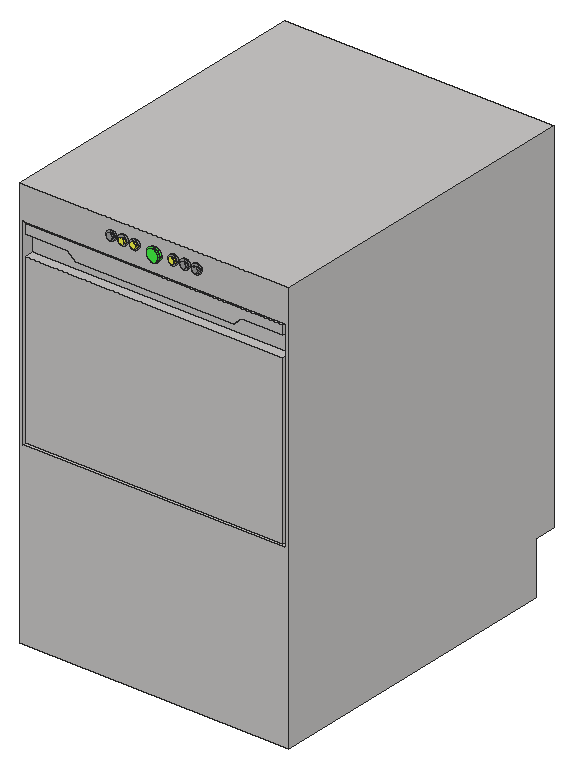
Revit family "QF_ELECTROLUXPROFESSIONAL_402202_ESIG", category Specialty Equipment, Revit 2018
Family settings
  Round Connector Dimension = Use Diameter
  Part Type = Normal
  Work Plane-Based = No
  Always vertical = Yes
  Cut with Voids When Loaded = No
  Shared = No
  Room Calculation Point = No
Parameters
  Weight = 37.00 kg
  Watts = 0 W
  Volts = 0 V
  URL Manufacturer = ""
  URL = "http://professional.electrolux.com/"
  Steam Supply Size = 0 mm
  Steam Supply Minimum Pressure = 0.0 Pa
  Steam Supply Maximum Pressure = 0.0 Pa
  Steam Pounds per Hour = 0
  Show Logo [instance] = yes
  Show Clearance [instance] = yes
  Refrigeration Suction Line Size = 0 mm
  Refrigeration Liquid Line Size = 0 mm
  Refrigerant Compressor Remote = yes
  Manufacturer = ""
  Phase = 0
  Model = ""
  Length Actual = 460 mm  # constant formula
  Item Number = ""
  Hot Water Size = 0 mm
  Height Actual = 715 mm  # constant formula
  HP = "4.4 HP"
  Gas Size = 0 mm
  Gas KW = 0
  Gas Input Pressure = 0 W
  Direct Waste Size = 27 mm
  Description = ""
  Depth Actual = 565 mm  # constant formula
  Cycle = 0 Hz
  Condensate Return Size = 0 mm
  Compressed Air Volume = 0.0 L/s
  Compressed Air Size = 0 mm
  Compressed Air Pressure = 0.0 Pa
  Cold Water Size = 0 mm
  Accessory = yes
Types (2, lengths in mm): name | Volts | URL Manufacturer | URL | Manufacturer | Phase | Model | Item Number | Description | Cycle | Cold Water Size
  (no name) | 0 V | "" | "http://professional.electrolux.com/" | "" | 0 | "" | "" | "" | 0 Hz | 0
  Standard | 230 V | "http://professional.electrolux.com" | "http://professional.electrolux.com" | "Electrolux Professional" | 1 | "ESIG" | "402202" | "GLASSWASHER(S) DOUBLE SKIN, DRAIN PUMP, DETERGENT DISPENSER, 30B/H" | 50 Hz | 19.05
Reference planes
  plane 1 "Center (Front/Back)": y = 0
  plane 2: z = 0
  plane 3 "Center (Left/Right)": x = 0
  plane 4 "LEFT": x = -230
  plane 5 "RIGHT": x = 230
  plane 6 "FRONT": y = -282.5
  plane 7 "BACK": y = 282.5
  plane 8: x = -202.5
  plane 9: x = 202.5
  plane 10: z = 715
  plane 11: z = 10
Forms (mm)
  Extrusion 1, solid, material "QF_Finishes_Stainless Steel"
    sketch origin (0, 0, 0) x (1, 0, 0) y (0, 1, 0)
      loop
        line (-230, -282.5) -> (230, -282.5) -> (230, 243.5) -> (-230, 243.5) -> (-230, -282.5)
    from 10 to 715
  Extrusion 2, solid, material "QF_Finishes_Stainless Steel"
    sketch origin (0, 0, 0) x (1, 0, 0) y (0, 1, 0)
      loop
        line (-230, 243.5) -> (230, 243.5) -> (230, 282.5) -> (-230, 282.5) -> (-230, 243.5)
    from 100 to 715
  Extrusion 3, solid, material "QF_Finishes_Stainless Steel"
    sketch origin (0, 0, 0) x (1, 0, 0) y (0, 1, 0)
      loop
        circle (-202.5, 184.5) r 12.5
      loop
        circle (202.5, 184.5) r 12.5
      loop
        circle (-202.5, -235.5) r 12.5
      loop
        circle (202.5, -235.5) r 12.5
    from 0 to 10
  Extrusion 4, void
    sketch origin (-230, -282.5, 0) x (-1, 0, 0) y (0, 0, 1)
      loop
        line (-5, 658.217) -> (-455, 658.217) -> (-455, 315) -> (-5, 315) -> (-5, 658.217)
    from 0 to 30
  Extrusion 5, solid, material "QF_Finishes_Stainless Steel"
    sketch origin (-53, -392, 738) x (0, 0, -1) y (1, 0, 0)
      loop
        circle (693, 213) r 10
    from -635.5 to -674.5
  Extrusion 6, solid, material "QF_Door-Drawer Clearances", visible <- "Show Clearance", detail levels coarse
    sketch origin (-230, -282.5, 0) x (0, 1, 0) y (0, 0, -1)
      loop
        line (0, -315) -> (-315, -315)
        arc (-315, -315) -> (-223.2, -545.869) -> (0, -655) r 344.605
        line (0, -655) -> (0, -315)
    from -10 to -450
  Extrusion 7, solid, material "QF_Finishes_Stainless Steel"
    sketch origin (-242.481, -392, 738) x (0, 0, -1) y (1, 0, 0)
      loop
        circle (663, 322.481) r 8
    from -635.5 to -674.5
  Extrusion 8, solid, material "QF_Finishes_Green"
    sketch origin (234, -282.5, -28.75) x (-1, 0, 0) y (0, 0, -1)
      loop
        circle (234, -714.569) r 10
    from 0 to 5
  Extrusion 9, solid, material "QF_Finishes_Gray"
    sketch origin (234, -282.5, -24.375) x (-1, 0, 0) y (0, 0, -1)
      loop
        circle (306.936, -713.972) r 5
    from 0 to 5
  Extrusion 10, solid, material "QF_Finishes_Stainless Steel"
    sketch origin (-230, -282.5, 0) x (0, 1, 0) y (0, 0, -1)
      loop
        line (0, -319.622) -> (0, -605) -> (15, -605) -> (15, -655) -> (25, -655) -> (25, -319.622) -> (0, -319.622)
    from -10 to -450
  Extrusion 11, solid, material "QF_Finishes_Stainless Steel"
    sketch origin (-230, -282.5, 0) x (0, 1, 0) y (0, 0, -1)
      loop
        line (15, -655) -> (15, -652.514) -> (2.5, -652.514) -> (2.5, -626.25) -> (0, -626.25) -> (0, -655) -> (15, -655)
    from -10 to -450
  Extrusion 12, void
    sketch origin (-230, -282.5, 655) x (0, 0, 1) y (1, 0, 0)
      loop
        line (-15.552, 10) -> (-15.552, 81.607) -> (-28.75, 94.804) -> (-28.75, 10) -> (-15.552, 10)
      loop
        line (-15.552, 450) -> (-28.75, 450) -> (-28.75, 365.196) -> (-15.552, 378.393) -> (-15.552, 450)
    from 0 to 2.5
  Extrusion 13, solid, material "QF_Finishes_Stainless Steel"
    sketch origin (-328, -392, 738) x (0, 0, -1) y (1, 0, 0)
      loop
        circle (663, 228) r 8
    from -635.5 to -674.5
  Extrusion 14, solid, material "QF_Finishes_Green"
    sketch origin (-230, -282.5, 0) x (1, 0, 0) y (0, 0, 1)
      loop
        circle (230, 685.819) r 12
      loop
        circle (230, 685.819) r 10
    from 0 to 2.5
  Extrusion 15, solid, material "QF_Finishes_Gray"
    sketch origin (-210, -282.5, -28.75) x (1, 0, 0) y (0, 0, 1)
      loop
        circle (262.936, 718.347) r 8
      loop
        circle (262.936, 718.347) r 5
      loop
        circle (242.936, 718.347) r 8
      loop
        circle (242.936, 718.347) r 5
      loop
        circle (282.936, 718.347) r 8
      loop
        circle (282.936, 718.347) r 5
    from 0 to 2.5
  Extrusion 16, solid, material "QF_Finishes_Gray"
    sketch origin (-234, -282.5, -24.375) x (1, 0, 0) y (0, 0, 1)
      loop
        circle (286.936, 713.972) r 5
      loop
        circle (306.936, 713.972) r 5
    from 0 to 5
  Extrusion 17, solid, material "QF_Finishes_Gray"
    sketch origin (210, -282.5, -28.75) x (-1, 0, 0) y (0, 0, -1)
      loop
        circle (262.936, -718.347) r 8
      loop
        circle (262.936, -718.347) r 5
      loop
        circle (242.936, -718.347) r 8
      loop
        circle (242.936, -718.347) r 5
      loop
        circle (282.936, -718.347) r 8
      loop
        circle (282.936, -718.347) r 5
    from 0 to 2.5
  Extrusion 18, solid, material "QF_Finishes_Yellow"
    sketch origin (254, -282.5, -24.375) x (-1, 0, 0) y (0, 0, -1)
      loop
        circle (306.936, -713.972) r 5
    from 0 to 5
  Extrusion 19, solid, material "QF_Finishes_Yellow"
    sketch origin (274, -282.5, -24.375) x (-1, 0, 0) y (0, 0, -1)
      loop
        circle (306.936, -713.972) r 5
    from 0 to 5
  Extrusion 20, solid, material "QF_Finishes_Yellow"
    sketch origin (339.871, -282.5, -24.375) x (-1, 0, 0) y (0, 0, -1)
      loop
        circle (306.936, -713.972) r 5
    from 0 to 5
Cuts and joins
  Extrusion 4 cuts Extrusion 1
  joined: Extrusion 1, Extrusion 2
  Extrusion 12 cuts Extrusion 10
  Extrusion 12 cuts Extrusion 11
Lines and regions (mm)
  Split face 1
    outline origin (-230, -282.5, 715) x (0, 0, -1) y (1, 0, 0)
      loop
        line (35, 0) -> (35, 60) -> (49.142, 74.142) -> (49.142, 214.142) -> (11.456, 214.142)
        arc (11.456, 214.142) -> (9.82, 214.82) -> (9.142, 216.456) r 2.314
        line (9.142, 216.456) -> (9.142, 230) -> (9.142, 243.544)
        arc (9.142, 243.544) -> (9.82, 245.18) -> (11.456, 245.858) r 2.314
        line (11.456, 245.858) -> (49.142, 245.858) -> (49.142, 385.858) -> (35, 400) -> (35, 460)
      loop
        line (56.783, 5) -> (56.783, 0)
      loop
        line (56.783, 455) -> (56.783, 460)
  symbolic lines
    curve 1: line (-230, 282.5, 0) -> (230, 282.5, 0)
    curve 2: line (-230, -282.5, 0) -> (-230, 282.5, 0)
    curve 3: line (230, -282.5, 0) -> (-230, -282.5, 0)
    curve 4: line (230, 282.5, 0) -> (230, -282.5, 0)
    curve 9: line (-80.94, -285, 0) -> (-80.94, -282.5, 0)
    curve 10: line (-64.948, -285, 0) -> (-64.948, -282.5, 0)
    curve 11: line (-77.926, -287.5, 0) -> (-67.936, -287.5, 0)
    curve 12: line (-67.936, -287.5, 0) -> (-67.936, -285, 0)
    curve 13: line (-77.926, -287.5, 0) -> (-77.926, -285, 0)
    curve 14: line (-60.936, -285, 0) -> (-44.936, -285, 0)
    curve 15: line (-44.936, -285, 0) -> (-44.936, -282.5, 0)
    curve 16: line (-60.936, -285, 0) -> (-60.936, -282.5, 0)
    curve 17: line (-57.936, -287.5, 0) -> (-47.936, -287.5, 0)
    curve 18: line (-47.936, -287.5, 0) -> (-47.936, -285, 0)
    curve 19: line (-57.936, -287.5, 0) -> (-57.936, -285, 0)
    curve 20: line (-40.936, -285, 0) -> (-24.936, -285, 0)
    curve 21: line (-24.936, -285, 0) -> (-24.936, -282.5, 0)
    curve 22: line (-40.936, -285, 0) -> (-40.936, -282.5, 0)
    curve 23: line (-37.936, -287.5, 0) -> (-27.936, -287.5, 0)
    curve 24: line (-27.936, -287.5, 0) -> (-27.936, -285, 0)
    curve 25: line (-37.936, -287.5, 0) -> (-37.936, -285, 0)
    curve 26: line (24.936, -285, 0) -> (40.936, -285, 0)
    curve 27: line (40.936, -285, 0) -> (40.936, -282.5, 0)
    curve 28: line (27.936, -287.5, 0) -> (37.936, -287.5, 0)
    curve 29: line (37.936, -287.5, 0) -> (37.936, -285, 0)
    curve 30: line (27.936, -287.5, 0) -> (27.936, -285, 0)
    curve 31: line (24.936, -285, 0) -> (24.936, -282.5, 0)
    curve 32: line (-12, -285, 0) -> (12, -285, 0)
    curve 33: line (12, -285, 0) -> (12, -282.5, 0)
    curve 34: line (-12, -285, 0) -> (-12, -282.5, 0)
    curve 35: line (-10, -287.5, 0) -> (10, -287.5, 0)
    curve 36: line (10, -287.5, 0) -> (10, -285, 0)
    curve 37: line (-10, -287.5, 0) -> (-10, -285, 0)
    curve 39: line (44.936, -285, 0) -> (60.936, -285, 0)
    curve 40: line (60.936, -285, 0) -> (60.936, -282.5, 0)
    curve 41: line (47.936, -287.5, 0) -> (57.936, -287.5, 0)
    curve 42: line (57.936, -287.5, 0) -> (57.936, -285, 0)
    curve 43: line (47.936, -287.5, 0) -> (47.936, -285, 0)
    curve 44: line (44.936, -285, 0) -> (44.936, -282.5, 0)
    curve 45: line (64.936, -285, 0) -> (80.936, -285, 0)
    curve 46: line (80.936, -285, 0) -> (80.936, -282.5, 0)
    curve 47: line (67.936, -287.5, 0) -> (77.936, -287.5, 0)
    curve 48: line (77.936, -287.5, 0) -> (77.936, -285, 0)
    curve 49: line (67.936, -287.5, 0) -> (67.936, -285, 0)
    curve 50: line (64.936, -285, 0) -> (64.936, -282.5, 0)
  symbolic lines, style "QF_Door-Drawer Clearances"
    curve 5: line (-220, -597.5, 0) -> (220, -597.5, 0)
    curve 6: line (220, -597.5, 0) -> (220, -282.5, 0)
    curve 7: line (-220, -597.5, 0) -> (-220, -282.5, 0)
  symbolic lines, style "SpecialityEquipment"
    curve 8: line (-80.94, -285, 0) -> (-64.948, -285, 0)
  symbolic lines, style "SpecialityEquipmentHiddenLines"
    curve 38: line (-230, 243.5, 0) -> (230, 243.5, 0)
Dimensions and locks
  equal spacing: plane 4 "LEFT", plane 3 "Center (Left/Right)", plane 5 "RIGHT"
  equal spacing: plane 7 "BACK", plane 1 "Center (Front/Back)", plane 6 "FRONT"
  plane 7 "BACK" to plane 6 "FRONT" = 565 mm
  plane 4 "LEFT" to plane 5 "RIGHT" = 460 mm
  plane 4 "LEFT" to plane 8 = 27.5 mm
  plane 9 to plane 5 "RIGHT" = 27.5 mm
  locked: plane 11 to level at 10
  plane 4 "LEFT" to plane 3 "Center (Left/Right)" = 230 mm
  plane 10 to level = 715 mm  (x2)
  plane 8 to plane 9 = 405 mm
  level to Extrusion 13 sketch curve = 75 mm
  Extrusion 13 sketch curve to plane 4 "LEFT" = 130 mm
  level to Extrusion 5 sketch curve = 45 mm
  Extrusion 5 sketch curve to plane 4 "LEFT" = 390 mm
  Extrusion 7 sketch curve to plane 4 "LEFT" = 310 mm
  level to Extrusion 7 sketch curve = 75 mm
  locked: Extrusion 3 to cut or joined group of Extrusion 1, Extrusion 2, Extrusion 4 at 98
  Extrusion 3 to Extrusion 3 = 420 mm
  locked: plane 6 "FRONT" to Extrusion 3 at 47
  plane 9 to plane 8 = 405 mm
  plane 7 "BACK" to curve 5 = 880 mm
  cut or joined group of Extrusion 10, Extrusion 12 to cut or joined group of Extrusion 1, Extrusion 2, Extrusion 4 = 290 mm
  aligned and locked: level to plane 2
  aligned and locked: Extrusion 1 sketch curve to plane 6 "FRONT"
  aligned and locked: Extrusion 1 sketch curve to plane 4 "LEFT"
  aligned and locked: plane 5 "RIGHT" to Extrusion 1 sketch curve
  aligned and locked: Extrusion 1 to plane 11
  aligned and locked: Extrusion 2 sketch curve to Extrusion 1  (x2)
  aligned and locked: plane 7 "BACK" to Extrusion 2 sketch curve
  aligned and locked: plane 5 "RIGHT" to Extrusion 2 sketch curve
  aligned and locked: plane 11 to Extrusion 3
  aligned and locked: Extrusion 2 to Extrusion 5
  aligned and locked: Extrusion 2 to Extrusion 7
  aligned and locked: plane 7 "BACK" to Extrusion 7
  aligned and locked: plane 7 "BACK" to Extrusion 5
  aligned and locked: cut or joined group of Extrusion 11, Extrusion 12 to Extrusion 12
  aligned and locked: plane 10 to Extrusion 2
Automatic sketch dimensions
  curve 1 to plane 4 "LEFT" = 0 mm
  curve 7 to plane 6 "FRONT" = 0 mm
  curve 4 to plane 5 "RIGHT" = 0 mm
  curve 2 to plane 7 "BACK" = 0 mm
  plane 4 "LEFT" to curve 5 = 10 mm
  curve 8 to plane 6 "FRONT" = 2.5 mm
  curve 8 to plane 3 "Center (Left/Right)" = 80.94 mm
  curve 8 to curve 11 = 3.013 mm
  curve 11 to curve 11 = 9.991 mm
  curve 12 to curve 10 = 2.987 mm
  curve 8 to curve 16 = 4.013 mm
  curve 14 to curve 19 = 3 mm
  curve 17 to plane 6 "FRONT" = 5 mm
  curve 17 to curve 17 = 10 mm
  curve 18 to curve 14 = 3 mm
  curve 14 to curve 20 = 4 mm
  curve 20 to curve 25 = 3 mm
  curve 24 to plane 6 "FRONT" = 5 mm
  curve 23 to curve 24 = 10 mm
  curve 24 to curve 21 = 3 mm
  curve 34 to plane 6 "FRONT" = 2.5 mm
  curve 34 to plane 3 "Center (Left/Right)" = 12 mm
  curve 32 to curve 37 = 2 mm
  plane 3 "Center (Left/Right)" to curve 36 = 10 mm
  curve 36 to curve 33 = 2 mm
  curve 26 to plane 6 "FRONT" = 2.5 mm
  curve 32 to curve 26 = 12.936 mm
  curve 26 to curve 30 = 3 mm
  curve 28 to plane 6 "FRONT" = 5 mm
  curve 28 to curve 28 = 10 mm
  curve 29 to curve 27 = 3 mm
  curve 26 to curve 44 = 4 mm
  curve 39 to curve 43 = 3 mm
  curve 41 to plane 6 "FRONT" = 5 mm
  curve 41 to curve 41 = 10 mm
  curve 42 to curve 39 = 3 mm
  curve 39 to curve 50 = 4 mm
  curve 45 to curve 47 = 3 mm
  curve 47 to plane 6 "FRONT" = 5 mm
  curve 47 to curve 47 = 10 mm
  curve 48 to curve 45 = 3 mm
  curve 6 to plane 5 "RIGHT" = 10 mm
  curve 35 to curve 36 = 2.5 mm
  curve 11 to curve 13 = 2.5 mm
  curve 15 to plane 6 "FRONT" = 2.5 mm
  curve 20 to plane 6 "FRONT" = 2.5 mm
  curve 40 to plane 6 "FRONT" = 2.5 mm
  curve 45 to plane 6 "FRONT" = 2.5 mm
  curve 38 to plane 7 "BACK" = 39 mm
  Extrusion 1 sketch curve to plane 7 "BACK" = 39 mm
  Extrusion 3 sketch curve to plane 8 = 0 mm  (x2)
  Extrusion 3 sketch curve to plane 9 = 0 mm  (x2)
  plane 6 "FRONT" to Extrusion 3 sketch curve = 47 mm  (x2)
  Extrusion 3 sketch curve to plane 7 "BACK" = 98 mm  (x2)
  Extrusion 4 sketch curve to Extrusion 1 = 5 mm  (x2)
  Extrusion 4 sketch curve to Extrusion 1 = 305 mm
  Extrusion 4 sketch curve to Extrusion 1 = 56.783 mm
  Extrusion 6 sketch curve to plane 6 "FRONT" = 0 mm
  Extrusion 6 sketch curve to plane 6 "FRONT" = 315 mm
  plane 6 "FRONT" to Extrusion 6 sketch curve = 29.589 mm
  Extrusion 6 sketch curve to plane 10 = 60 mm
  plane 11 to Extrusion 6 sketch curve = 305 mm
  Extrusion 8 sketch curve to Extrusion 8 sketch curve = 0 mm  (x2)
  Extrusion 8 sketch curve to plane 3 "Center (Left/Right)" = 0 mm
  Extrusion 8 sketch curve to plane 10 = 29.181 mm
  plane 3 "Center (Left/Right)" to Extrusion 8 sketch curve = 10 mm
  Extrusion 9 sketch curve to Extrusion 9 sketch curve = 0 mm  (x2)
  Extrusion 9 sketch curve to plane 10 = 25.403 mm
  Extrusion 9 sketch curve to plane 3 "Center (Left/Right)" = 72.936 mm
  Extrusion 9 sketch curve to Extrusion 9 sketch curve = 5 mm
  Extrusion 10 sketch curve to plane 6 "FRONT" = 0 mm
  plane 6 "FRONT" to Extrusion 10 sketch curve = 15 mm
  Extrusion 10 sketch curve to Extrusion 10 sketch curve = 25 mm
  Extrusion 10 sketch curve to plane 10 = 60 mm
  Extrusion 10 sketch curve to Extrusion 10 sketch curve = 50 mm
  Extrusion 10 sketch curve to Extrusion 10 sketch curve = 285.378 mm
  Extrusion 11 sketch curve to plane 6 "FRONT" = 0 mm
  Extrusion 11 sketch curve to Extrusion 11 sketch curve = 2.5 mm
  Extrusion 11 sketch curve to Extrusion 11 sketch curve = 12.5 mm
  Extrusion 11 sketch curve to plane 10 = 60 mm
  Extrusion 11 sketch curve to Extrusion 11 sketch curve = 2.486 mm
  Extrusion 11 sketch curve to Extrusion 11 sketch curve = 26.264 mm
  Extrusion 12 sketch curve to Extrusion 11 = 0 mm  (x3)
  Extrusion 11 to Extrusion 12 sketch curve = 0 mm
  Extrusion 12 sketch curve to Extrusion 11 = 13.198 mm  (x2)
  Extrusion 12 sketch curve to Extrusion 11 = 71.607 mm
  Extrusion 12 sketch curve to Extrusion 12 sketch curve = 13.198 mm  (x2)
  Extrusion 12 sketch curve to Extrusion 11 = 84.804 mm
  Extrusion 14 sketch curve to Extrusion 14 sketch curve = 0 mm  (x2)
  Extrusion 1 to Extrusion 14 sketch curve = 29.181 mm
  Extrusion 1 to Extrusion 14 sketch curve = 230 mm
  Extrusion 15 sketch curve to Extrusion 15 sketch curve = 0 mm  (x8)
  plane 3 "Center (Left/Right)" to Extrusion 15 sketch curve = 32.936 mm
  Extrusion 15 sketch curve to Extrusion 15 sketch curve = 20 mm  (x2)
  Extrusion 15 sketch curve to plane 10 = 25.403 mm
  Extrusion 16 sketch curve to Extrusion 16 sketch curve = 0 mm  (x5)
  Extrusion 16 sketch curve to plane 10 = 25.403 mm
  plane 3 "Center (Left/Right)" to Extrusion 16 sketch curve = 52.936 mm
  Extrusion 16 sketch curve to Extrusion 16 sketch curve = 20 mm
  Extrusion 16 sketch curve to Extrusion 16 sketch curve = 5 mm  (x2)
  Split face 1 sketch curve to cut or joined group of Extrusion 1, Extrusion 2, Extrusion 4 = 0 mm  (x6)
  cut or joined group of Extrusion 1, Extrusion 2, Extrusion 4 to Split face 1 sketch curve = 0 mm  (x2)
  cut or joined group of Extrusion 1, Extrusion 2, Extrusion 4 to Split face 1 sketch curve = 7.641 mm  (x2)
  Split face 1 sketch curve to Split face 1 sketch curve = 14.142 mm  (x4)
  Split face 1 sketch curve to cut or joined group of Extrusion 1, Extrusion 2, Extrusion 4 = 11.456 mm  (x2)
  Split face 1 sketch curve to cut or joined group of Extrusion 1, Extrusion 2, Extrusion 4 = 9.142 mm
  Split face 1 sketch curve to cut or joined group of Extrusion 1, Extrusion 2, Extrusion 4 = 55 mm
  Split face 1 sketch curve to Split face 1 sketch curve = 140 mm
  Split face 1 sketch curve to Split face 1 sketch curve = 13.544 mm  (x2)
  Split face 1 sketch curve to cut or joined group of Extrusion 1, Extrusion 2, Extrusion 4 = 69.142 mm
  Extrusion 17 sketch curve to Extrusion 17 sketch curve = 0 mm  (x8)
  Extrusion 17 sketch curve to plane 3 "Center (Left/Right)" = 32.936 mm
  Extrusion 17 sketch curve to Extrusion 17 sketch curve = 20 mm  (x2)
  Extrusion 17 sketch curve to plane 10 = 25.403 mm
  Extrusion 18 sketch curve to Extrusion 18 sketch curve = 0 mm  (x2)
  Extrusion 18 sketch curve to plane 10 = 25.403 mm
  Extrusion 18 sketch curve to plane 3 "Center (Left/Right)" = 52.936 mm
  Extrusion 18 sketch curve to Extrusion 18 sketch curve = 5 mm
  Extrusion 19 sketch curve to Extrusion 19 sketch curve = 0 mm  (x2)
  Extrusion 19 sketch curve to plane 3 "Center (Left/Right)" = 32.936 mm
  Extrusion 19 sketch curve to plane 10 = 25.403 mm
  Extrusion 19 sketch curve to Extrusion 19 sketch curve = 5 mm
  Extrusion 20 sketch curve to Extrusion 20 sketch curve = 0 mm  (x2)
  plane 3 "Center (Left/Right)" to Extrusion 20 sketch curve = 32.936 mm
  Extrusion 20 sketch curve to plane 10 = 25.403 mm
  Extrusion 20 sketch curve to Extrusion 20 sketch curve = 5 mm
  radius of Extrusion 5 sketch curve = 10 mm
  radius of Extrusion 7 sketch curve = 8 mm
  radius of Extrusion 13 sketch curve = 8 mm
  radius of Extrusion 3 sketch curve = 12.5 mm  (x4)
  radius of Extrusion 14 sketch curve = 12 mm
  radius of Extrusion 14 sketch curve = 10 mm
  radius of Extrusion 15 sketch curve = 8 mm  (x3)
  radius of Extrusion 15 sketch curve = 5 mm  (x3)
  radius of Extrusion 17 sketch curve = 8 mm  (x3)
  radius of Extrusion 17 sketch curve = 5 mm  (x3)
Connectors
  piping at (160, 282.5, 45), diameter 20
    settings: on Extrusion 5, index 1, connector inside diameter 609.6 mm, connector length 0 mm, flow factor 0, pipe flow 0.0 L/s, pressure drop 0.0 Pa, fitting loss kfactor 0, connector angle 0.00°, fixture units 0, engagement length 0 mm, angle of deflection 0.00°, flow configuration 1, flow direction 1, fitting loss method 0, system type 16, joint type 0, gender type 0, connector reference index -1, connector utility 0, adjustable connector no, is connector primary yes, connector description "Drain"
  piping at (80, 282.5, 75), driven by "Cold Water Size"
    settings: on Extrusion 7, index 3, connector diameter 0 mm, connector inside diameter 609.6 mm, connector length 0 mm, flow factor 0, pipe flow 0.0 L/s, pressure drop 0.0 Pa, fitting loss kfactor 0, connector angle 0.00°, fixture units 0, engagement length 0 mm, angle of deflection 0.00°, flow configuration 1, flow direction 1, fitting loss method 0, system type 20, joint type 0, gender type 0, connector reference index -1, connector utility 0, adjustable connector no, is connector primary no, connector description "Cold Water Inlet"
  electrical at (-100, 282.5, 75), driven by "Volts"
    settings: on Extrusion 13, index 4, voltage 0 V, apparent load 0 VA, apparent load phase1 0 VA, apparent load phase2 0 VA, apparent load phase3 0 VA, power factor 1, load classification "Altro", number of poles 1, system type 31, power factor state 1, is connector primary yes, connector utility no, sub classification motor no, connector description "Electrical Connection"
